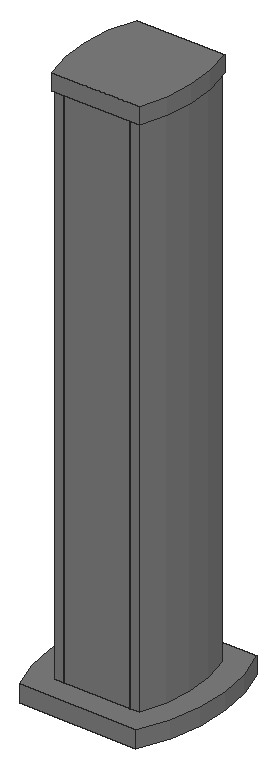
Revit family "Legrand Export Universal Mini Columns", category Installations électriques, Revit 2020
Family settings
  Conserver l'orientation des annotations = Non
  Cote de connecteur circulaire = Utiliser le diamètre
  Type d'élément = Normal
  Basée sur le plan de construction = Non
  Toujours verticalement = Oui
  Couper avec des vides une fois chargée = Non
  Partagée = Non
  Point de calcul de pièce = Non
Parameters (values of type "Column 2 cpts CV80 0,68M Alu")
  Visibility Control Stand [instance] = and(or(Feet, Visibility Control Casters), not(Black))  # no
  Visibility Control Casters [instance] = and(Casters option, not(Black))  # no
  Séparateur = 34.7 mm
  Standard = "Universal"
  Offset [instance] = if(Visibility Control Casters, 68 mm, if(Visibility Control Stand, 10 mm, 0 mm))  # 0 mm
  Number of compartments = "2 compartments"
  Modèle = "LG-653124"
  Matériaux corps = Legrand - Aluminium gris
  Matériau couvercle = Legrand - Plastique gris
  Main Material = "Aluminum"
  Longueur = if([1 CPT], 82 mm, 125 mm)  # 125 mm
  Largeur = 75 mm
  Tablet option [instance] = no
  Finishing = "Aluminum"
  Feet [instance] = no
  Casters option [instance] = no
  H1 = 680 mm
  HC = H1 - 40 mm  # 640 mm
  Fabricant = "LEGRAND"
  Elévation par défaut = 0 mm
  Description = "universal mini Column 2 compartments 0,68m Aluminium"
  Column stand = Movable feet : Foot for mini Column Alu
  Black = no
  2 CPT = yes
  1 CPT = no
Types (12, lengths in mm): name | Number of compartments | Modèle | Matériaux corps | Matériau couvercle | Longueur | Finishing | H1 | HC | Description | Column stand | Black | 2 CPT | 1 CPT
  Column 1 cpt CV80 0,3M White | "1 compartment" | "LG-653100" | Legrand - Aluminium blanc | Legrand - Plastique blanc | 82 | "White" | 300 | 260 | "universal mini Column 1 compartment 0,3m White" | Movable feet : Foot for mini Column White | no | no | yes
  Column 1 cpt CV80 0,3M Alu | "1 compartment" | "LG-653101" | Legrand - Aluminium gris | Legrand - Plastique gris | 82 | "Aluminum" | 300 | 260 | "universal mini Column 1 compartment 0,3m Aluminium" | Movable feet : Foot for mini Column Alu | no | no | yes
  Column 1 cpt CV80 0,68M White | "1 compartment" | "LG-653103" | Legrand - Aluminium blanc | Legrand - Plastique blanc | 82 | "White" | 680 | 640 | "universal mini Column 1 compartment 0,68m White" | Movable feet : Foot for mini Column White | no | no | yes
  Column 1 cpt CV80 0,68M Alu | "1 compartment" | "LG-653104" | Legrand - Aluminium gris | Legrand - Plastique gris | 82 | "Aluminum" | 680 | 640 | "universal mini Column 1 compartment 0,68m Aluminium" | Movable feet : Foot for mini Column Alu | no | no | yes
  Column 2 cpts 80 0,30M White | "2 compartments" | "LG-653120" | Legrand - Aluminium blanc | Legrand - Plastique blanc | 125 | "White" | 300 | 260 | "universal mini Column 2 compartments 0,30m White" | Movable feet : Foot for mini Column White | no | yes | no
  Column 2 cpts CV80 0,30M Alu | "2 compartments" | "LG-653121" | Legrand - Aluminium gris | Legrand - Plastique gris | 125 | "Aluminum" | 300 | 260 | "universal mini Column 2 compartments 0,30m Aluminium" | Movable feet : Foot for mini Column Alu | no | yes | no
  Column 2 cpts 80 0,68M White | "2 compartments" | "LG-653123" | Legrand - Aluminium blanc | Legrand - Plastique blanc | 125 | "White" | 680 | 640 | "universal mini Column 2 compartments 0,68m White" | Movable feet : Foot for mini Column White | no | yes | no
  Column 2 cpts CV80 0,68M Alu | "2 compartments" | "LG-653124" | Legrand - Aluminium gris | Legrand - Plastique gris | 125 | "Aluminum" | 680 | 640 | "universal mini Column 2 compartments 0,68m Aluminium" | Movable feet : Foot for mini Column Alu | no | yes | no
  Column 1 cpt CV80 0,68M Black | "1 compartment" | "LG-653105" | Legrand - Aluminium noir | Legrand - Plastique noir | 82 | "Black" | 680 | 640 | "universal mini Column 1 compartment 0,68m Black" | Shelf : Table for mini Column T1/2 | yes | no | yes
  Column 1 cpt CV80 0,3M Black | "1 compartment" | "LG-653102" | Legrand - Aluminium noir | Legrand - Plastique noir | 82 | "Black" | 300 | 260 | "universal mini Column 1 compartment 0,3m Black" | Shelf : Table for mini Column T1/2 | yes | no | yes
  Column 2 cpts 80 0,30M Black | "2 compartments" | "LG-653122" | Legrand - Aluminium noir | Legrand - Plastique noir | 82 | "Black" | 300 | 260 | "universal mini Column 2 compartments 0,30m Black" | Shelf : Table for mini Column T1/2 | no | yes | yes
  Column 2 cpts 80 0,68M Black | "2 compartments" | "LG-653125" | Legrand - Aluminium noir | Legrand - Plastique noir | 125 | "Black" | 680 | 640 | "universal mini Column 2 compartments 0,68m Black" | Shelf : Table for mini Column T1/2 | yes | yes | no
Reference planes
  plane 1 "Centre (avant/arrière)": y = 0
  plane 2: z = 0
  plane 3 "Centre (gauche/droite)": x = 0
  plane 4: z = 680
  plane 5 "Bas Corps": z = 20
  plane 6 "Haut corps": z = 660
  plane 7: z = 0
  plane 8 "Connecteur": z = 340
Forms (mm)
  Extrusion 1, solid, material "Legrand - Aluminium gris" <- "Matériaux corps", visible <- "2 CPT"
    sketch origin (0, 0, 0) x (1, 0, 0) y (0, 1, 0)
      loop
        arc (-51.5, 62.5) -> (-62.643, 0) -> (-51.5, -62.5) r 180.856
        line (-51.5, -62.5) -> (-40, -62.5) -> (-40, -22.5) -> (40, -22.5) -> (40, -62.5) -> (51.5, -62.5)
        arc (51.5, -62.5) -> (62.643, 0) -> (51.5, 62.5) r 180.856
        line (51.5, 62.5) -> (40, 62.5) -> (40, 22.5) -> (-40, 22.5) -> (-40, 62.5) -> (-51.5, 62.5)
    from 20 to 660
  Extrusion 2, solid, material "Legrand - Aluminium gris" <- "Matériaux corps", visible <- "1 CPT"
    sketch origin (0, 0, 0) x (1, 0, 0) y (0, 1, 0)
      loop
        arc (-26.5, 62.5) -> (-37.5, 0) -> (-26.5, -62.5) r 183.057
        line (-26.5, -62.5) -> (26.5, -62.5)
        arc (26.5, -62.5) -> (30.149, -51.355) -> (33.076, -40) r 183.057
        line (33.076, -40) -> (-6.924, -40) -> (-6.924, 40) -> (33.076, 40)
        arc (33.076, 40) -> (30.149, 51.355) -> (26.5, 62.5) r 183.057
        line (26.5, 62.5) -> (-26.5, 62.5)
    from 20 to 660
  Extrusion 3, solid, material "Legrand - Aluminium gris" <- "Matériaux corps", visible <- "1 CPT"
    sketch origin (0, 0, 0) x (1, 0, 0) y (0, 1, 0)
      loop
        line (-27.896, -64.5) -> (27.896, -64.5)
        arc (27.896, -64.5) -> (39.5, 0) -> (27.896, 64.5) r 185.057
        line (27.896, 64.5) -> (-27.896, 64.5)
        arc (-27.896, 64.5) -> (-39.5, 0) -> (-27.896, -64.5) r 185.057
    from 660 to 680
  Extrusion 4, solid, material "Legrand - Aluminium gris" <- "Matériaux corps", visible <- "1 CPT"
    sketch origin (0, 0, 0) x (1, 0, 0) y (0, 1, 0)
      loop
        line (55.574, 107.5) -> (-55.574, 107.5)
        arc (-55.574, 107.5) -> (-82.5, 0) -> (-55.574, -107.5) r 228.057
        line (-55.574, -107.5) -> (55.574, -107.5)
        arc (55.574, -107.5) -> (82.5, 0) -> (55.574, 107.5) r 228.057
    from 0 to 20
  Extrusion 5, solid, material "Legrand - Aluminium gris" <- "Matériaux corps", visible <- "2 CPT"
    sketch origin (0, 0, 0) x (1, 0, 0) y (0, 1, 0)
      loop
        line (-52.889, -64.5) -> (52.889, -64.5)
        arc (52.889, -64.5) -> (64.643, 0) -> (52.889, 64.5) r 182.856
        line (52.889, 64.5) -> (-52.889, 64.5)
        arc (-52.889, 64.5) -> (-64.643, 0) -> (-52.889, -64.5) r 182.856
    from 660 to 680
  Extrusion 6, solid, material "Legrand - Aluminium gris" <- "Matériaux corps", visible <- "2 CPT"
    sketch origin (0, 0, 0) x (1, 0, 0) y (0, 1, 0)
      loop
        line (-70.644, -91.5) -> (70.644, -91.5)
        arc (70.644, -91.5) -> (91.643, 0) -> (70.644, 91.5) r 209.856
        line (70.644, 91.5) -> (-70.644, 91.5)
        arc (-70.644, 91.5) -> (-91.643, 0) -> (-70.644, -91.5) r 209.856
    from 0 to 20
Dimensions and locks
  "H1": plane 4 to plane 2
  locked: plane 5 "Bas Corps" to plane 2 at 20
  locked: plane 4 to plane 6 "Haut corps" at 20
  "Offset": plane 2 to plane 7
  equal spacing: plane 4, plane 8 "Connecteur", plane 2
  aligned and locked: Extrusion 1 to plane 5 "Bas Corps"
  aligned and locked: plane 6 "Haut corps" to Extrusion 1
  aligned and locked: nested 2 to plane 5 "Bas Corps"
  aligned and locked: nested 1 to plane 5 "Bas Corps"
  aligned and locked: Extrusion 2 to plane 5 "Bas Corps"
  aligned and locked: plane 6 "Haut corps" to Extrusion 2
  aligned and locked: nested 3 to plane 5 "Bas Corps"
  aligned and locked: plane 4 to Extrusion 3
  aligned and locked: Extrusion 3 to plane 6 "Haut corps"
  aligned and locked: plane 5 "Bas Corps" to Extrusion 4
  aligned and locked: plane 4 to Extrusion 5
  aligned and locked: Extrusion 5 to plane 6 "Haut corps"
  aligned and locked: plane 5 "Bas Corps" to Extrusion 6
  aligned and locked: Extrusion 6 to plane 2
  aligned and locked: Extrusion 4 to plane 2
  aligned and locked: plane 7 to level
Automatic sketch dimensions
  plane 1 "Centre (avant/arrière)" to Extrusion 1 sketch curve = 0 mm  (x2)
  Extrusion 1 sketch curve to plane 3 "Centre (gauche/droite)" = 118.214 mm
  Extrusion 1 sketch curve to plane 3 "Centre (gauche/droite)" = 51.5 mm  (x2)
  Extrusion 1 sketch curve to Extrusion 1 sketch curve = 11.5 mm  (x3)
  plane 3 "Centre (gauche/droite)" to Extrusion 1 sketch curve = 40 mm  (x2)
  Extrusion 1 sketch curve to Extrusion 1 sketch curve = 78.214 mm
  plane 1 "Centre (avant/arrière)" to Extrusion 1 sketch curve = 22.5 mm
  Extrusion 1 sketch curve to Extrusion 1 sketch curve = 40 mm  (x2)
  Extrusion 1 sketch curve to plane 1 "Centre (avant/arrière)" = 22.5 mm
  Extrusion 1 sketch curve to plane 3 "Centre (gauche/droite)" = 40 mm
  plane 1 "Centre (avant/arrière)" to Extrusion 2 sketch curve = 0 mm  (x2)
  Extrusion 2 sketch curve to plane 3 "Centre (gauche/droite)" = 26.5 mm  (x2)
  Extrusion 2 sketch curve to plane 3 "Centre (gauche/droite)" = 6.924 mm
  plane 3 "Centre (gauche/droite)" to Extrusion 2 sketch curve = 26.5 mm  (x2)
  Extrusion 2 sketch curve to Extrusion 2 sketch curve = 112.48 mm
  Extrusion 2 sketch curve to Extrusion 2 sketch curve = 0 mm  (x3)
  plane 1 "Centre (avant/arrière)" to Extrusion 2 sketch curve = 40 mm
  Extrusion 2 sketch curve to Extrusion 2 sketch curve = 22.5 mm
  Extrusion 2 sketch curve to Extrusion 2 sketch curve = 119.057 mm
  Extrusion 2 sketch curve to Extrusion 2 sketch curve = 6.576 mm
  plane 1 "Centre (avant/arrière)" to Extrusion 3 sketch curve = 0 mm  (x2)
  Extrusion 3 sketch curve to plane 3 "Centre (gauche/droite)" = 145.557 mm
  Extrusion 3 sketch curve to Extrusion 3 sketch curve = 117.661 mm
  Extrusion 3 sketch curve to plane 1 "Centre (avant/arrière)" = 64.5 mm
  Extrusion 3 sketch curve to plane 3 "Centre (gauche/droite)" = 27.896 mm
  plane 3 "Centre (gauche/droite)" to Extrusion 3 sketch curve = 27.896 mm
  Extrusion 3 sketch curve to Extrusion 3 sketch curve = 0 mm
  plane 1 "Centre (avant/arrière)" to Extrusion 4 sketch curve = 0 mm  (x2)
  Extrusion 4 sketch curve to plane 3 "Centre (gauche/droite)" = 145.557 mm
  plane 3 "Centre (gauche/droite)" to Extrusion 4 sketch curve = 55.574 mm  (x2)
  Extrusion 4 sketch curve to Extrusion 4 sketch curve = 89.983 mm
  Extrusion 4 sketch curve to plane 1 "Centre (avant/arrière)" = 107.5 mm
  Extrusion 4 sketch curve to plane 3 "Centre (gauche/droite)" = 55.574 mm
  plane 1 "Centre (avant/arrière)" to Extrusion 5 sketch curve = 0 mm  (x2)
  Extrusion 5 sketch curve to plane 3 "Centre (gauche/droite)" = 118.214 mm
  Extrusion 5 sketch curve to plane 3 "Centre (gauche/droite)" = 52.889 mm
  plane 3 "Centre (gauche/droite)" to Extrusion 5 sketch curve = 52.889 mm  (x2)
  plane 1 "Centre (avant/arrière)" to Extrusion 5 sketch curve = 64.5 mm
  Extrusion 5 sketch curve to Extrusion 5 sketch curve = 65.324 mm
  plane 1 "Centre (avant/arrière)" to Extrusion 6 sketch curve = 0 mm  (x2)
  Extrusion 6 sketch curve to plane 3 "Centre (gauche/droite)" = 118.214 mm
  plane 3 "Centre (gauche/droite)" to Extrusion 6 sketch curve = 70.644 mm  (x2)
  Extrusion 6 sketch curve to Extrusion 6 sketch curve = 47.569 mm
  Extrusion 6 sketch curve to plane 1 "Centre (avant/arrière)" = 91.5 mm
  Extrusion 6 sketch curve to plane 3 "Centre (gauche/droite)" = 70.644 mm
Nested families
  nested 1: "Column cover 80" at (-40, 62.5, 20), visible <- "2 CPT", Matériau <- "Matériau couvercle", H1 <- "HC", type "Column cover 80"
    with Matériau Legrand - Plastique gris, L1 40 mm, H1 640 mm
  nested 2: "Column cover 80" at (-40, -22.5, 20), visible <- "2 CPT", Matériau <- "Matériau couvercle", H1 <- "HC", type "Column cover 80"
    with Matériau Legrand - Plastique gris, L1 40 mm, H1 640 mm
  nested 3: "Column cover 80" at (33.076, 40, 20) x (0, -1, 0) z (0, 0, 1), visible <- "1 CPT", Matériau <- "Matériau couvercle", H1 <- "HC", type "Column cover 80"
    with Matériau Legrand - Plastique gris, L1 40 mm, H1 640 mm
  nested 4: "Shelf" at (0, 0, 680), visible <- "Tablet option", type "Table for mini Column T1/2"
  nested 5: "Movable feet" at (0, 0, 0) x (1, 0, 0) z (0, 0, -1), type <- "Column stand", visible <- "Visibility Control Stand", type "Foot for mini Column Alu"
  nested 6: "Caster" at (153.739, -180.183, 0) x (0, -1, 0) z (0, 0, 1), visible <- "Visibility Control Casters", type "4 wheels with cable holder"
  nested 7: "Caster" at (153.739, 179.964, 0) x (0, -1, 0) z (0, 0, 1), visible <- "Visibility Control Casters", type "4 wheels with cable holder"
  nested 8: "Caster" at (-153.739, -180.183, 0) x (0, -1, 0) z (0, 0, 1), visible <- "Visibility Control Casters", type "4 wheels with cable holder"
  nested 9: "Caster" at (-153.739, 179.964, 0) x (0, -1, 0) z (0, 0, 1), visible <- "Visibility Control Casters", type "4 wheels with cable holder"
Connectors
  electrical at (0, 0, 340)
    settings: index 1, voltage 0 V, apparent load 0 VA, apparent load phase1 0 VA, apparent load phase2 0 VA, apparent load phase3 0 VA, power factor 1, load classification "Autre", number of poles 1, system type 31, power factor state 1, is connector primary yes, connector utility no, sub classification motor no, connector description ""
Definition of nested family "Column cover 80"
  Parameters (values of type "IDS_COLUMN_COVER_80")
    Matériau [instance] = none
    L1 [instance] = 187.766 mm
    H1 [instance] = 2660 mm
    Default Elevation = 0 mm
  Reference planes
    plane 1 "Centre (avant/arrière)": y = 0
    plane 2: z = 0
    plane 3 "Centre (gauche/droite)": x = 0
    plane 4: x = 80
    plane 5: y = -187.766
    plane 6: z = 2660
  Forms (mm)
    Extrusion 1, solid, material <- "Matériau"
      sketch origin (0, 0, 0) x (1, 0, 0) y (0, 1, 0)
        loop
          line (0, 0) -> (0, -187.766) -> (80, -187.766) -> (80, 0) -> (0, 0)
      from 0 to 2660
  Dimensions and locks
    plane 3 "Centre (gauche/droite)" to plane 4 = 80 mm
    "L1": plane 5 to plane 1 "Centre (avant/arrière)"
    "H1": plane 6 to plane 2
    aligned and locked: level to plane 2
    aligned and locked: plane 6 to Extrusion 1
  Automatic sketch dimensions
    Extrusion 1 sketch curve to plane 3 "Centre (gauche/droite)" = 0 mm
    Extrusion 1 sketch curve to plane 4 = 0 mm
    Extrusion 1 sketch curve to plane 5 = 0 mm
    plane 1 "Centre (avant/arrière)" to Extrusion 1 sketch curve = 0 mm
Definition of nested family "Shelf"
  Parameters (values of type "IDS_653084")
    Model = "LG-653084"
    Manufacturer = "LEGRAND"
    Default Elevation = 1219.2 mm
    Description = "IDS_DESCRITPION_LG-653084"
  Reference planes
    plane 1 "Centre (avant/arrière)": y = 0
    plane 2: z = 0
    plane 3 "Centre (gauche/droite)": x = 0
  Forms (mm)
    Extrusion 1, solid
      sketch origin (0, 0, 0) x (1, 0, 0) y (0, 1, 0)
        loop
          line (-1219.2, 1219.2) -> (-1219.2, -1219.2) -> (1219.2, -1219.2) -> (1219.2, 1219.2) -> (-1219.2, 1219.2)
      from 0 to -304.8
    Extrusion 2, solid
      sketch origin (0, 0, 0) x (1, 0, 0) y (0, 1, 0)
        loop
          arc (-220, 150) -> (-276.569, 126.569) -> (-300, 70) r 80
          line (-300, 70) -> (-300, -70)
          arc (-300, -70) -> (-276.569, -126.569) -> (-220, -150) r 80
          line (-220, -150) -> (220, -150)
          arc (220, -150) -> (276.569, -126.569) -> (300, -70) r 80
          line (300, -70) -> (300, 70)
          arc (300, 70) -> (276.569, 126.569) -> (220, 150) r 80
          line (220, 150) -> (-220, 150)
      from 0 to 12
  Dimensions and locks
    Extrusion 2 to Extrusion 2 = 600 mm
    Extrusion 2 to Extrusion 2 = 300 mm
    aligned and locked: plane 2 to Extrusion 1
    aligned and locked: level to Extrusion 1
Definition of nested family "Movable feet"
  Parameters (values of type "IDS_653087")
    Materiau = none
    Default Elevation = 1219.2 mm
  Types (3): name
    (no name)
    IDS_653086
    IDS_653087
  Reference planes
    plane 1 "Centre (avant/arrière)": y = 0
    plane 2: z = 0
    plane 3 "Centre (gauche/droite)": x = 0
    plane 4: y = -200
    plane 5: y = 200
    plane 6: x = -180
    plane 7: x = 180
  Forms (mm)
    Extrusion 1, solid
      sketch origin (0, 0, 0) x (1, 0, 0) y (0, 1, 0)
        loop
          line (-1219.2, 1219.2) -> (-1219.2, -1219.2) -> (1219.2, -1219.2) -> (1219.2, 1219.2) -> (-1219.2, 1219.2)
      from 0 to -304.8
    Extrusion 2, solid, material <- "Materiau"
      sketch origin (0, 0, 0) x (1, 0, 0) y (0, 1, 0)
        loop
          line (-180, 0) -> (-180, -61.189)
          arc (-180, -61.189) -> (-175.417, -115.996) -> (-165, -170) r 513.701
          arc (-165, -170) -> (-153.071, -189.987) -> (-132.058, -200) r 40.162
          line (-132.058, -200) -> (-107.825, -200)
          arc (-107.825, -200) -> (-90.864, -196.802) -> (-75, -190) r 79.091
          arc (-75, -190) -> (-65.429, -173.295) -> (-60.467, -154.692) r 74.359
          arc (-60.467, -154.692) -> (-64.771, -144.303) -> (-75.16, -140) r 14.692
          line (-75.16, -140) -> (-110, -140)
          arc (-110, -140) -> (-117.071, -137.071) -> (-120, -130) r 10
          line (-120, -130) -> (-120, -60.561)
          arc (-120, -60.561) -> (-114.142, -46.419) -> (-100, -40.561) r 20
          arc (-100, -40.561) -> (-60.66, -53.386) -> (-19.784, -59.807) r 260
          arc (-19.784, -59.807) -> (-16.958, -58.636) -> (-16.06, -55.711) r 3.591
          line (-16.06, -55.711) -> (-31.638, -12.913)
          arc (-31.638, -12.913) -> (-29.417, -0.22) -> (-17.905, 5.568) r 14.343
          line (-17.905, 5.568) -> (17.905, 5.568)
          arc (17.905, 5.568) -> (29.417, -0.22) -> (31.638, -12.913) r 14.343
          line (31.638, -12.913) -> (16.06, -55.711)
          arc (16.06, -55.711) -> (16.958, -58.636) -> (19.784, -59.807) r 3.591
          arc (19.784, -59.807) -> (60.66, -53.386) -> (100, -40.561) r 260
          arc (100, -40.561) -> (114.142, -46.419) -> (120, -60.561) r 20
          line (120, -60.561) -> (120, -130)
          arc (120, -130) -> (117.071, -137.071) -> (110, -140) r 10
          line (110, -140) -> (75.16, -140)
          arc (75.16, -140) -> (64.771, -144.303) -> (60.467, -154.692) r 14.692
          arc (60.467, -154.692) -> (65.429, -173.295) -> (75, -190) r 74.359
          arc (75, -190) -> (90.864, -196.802) -> (107.825, -200) r 79.091
          line (107.825, -200) -> (132.058, -200)
          arc (132.058, -200) -> (153.071, -189.987) -> (165, -170) r 40.162
          arc (165, -170) -> (175.417, -115.996) -> (180, -61.189) r 513.701
          line (180, -61.189) -> (180, 0) -> (180, 61.189)
          arc (180, 61.189) -> (175.417, 115.996) -> (165, 170) r 513.701
          arc (165, 170) -> (148.307, 193.71) -> (120, 200) r 40.162
          arc (120, 200) -> (96.755, 198.351) -> (75, 190) r 79.091
          arc (75, 190) -> (65.429, 173.295) -> (60.467, 154.692) r 74.359
          arc (60.467, 154.692) -> (64.771, 144.303) -> (75.16, 140) r 14.692
          line (75.16, 140) -> (110, 140)
          arc (110, 140) -> (117.071, 137.071) -> (120, 130) r 10
          line (120, 130) -> (120, 60.561)
          arc (120, 60.561) -> (114.142, 46.419) -> (100, 40.561) r 20
          arc (100, 40.561) -> (0, 60.561) -> (-100, 40.561) r 260
          arc (-100, 40.561) -> (-114.142, 46.419) -> (-120, 60.561) r 20
          line (-120, 60.561) -> (-120, 130)
          arc (-120, 130) -> (-117.071, 137.071) -> (-110, 140) r 10
          line (-110, 140) -> (-75.16, 140)
          arc (-75.16, 140) -> (-64.771, 144.303) -> (-60.467, 154.692) r 14.692
          arc (-60.467, 154.692) -> (-65.429, 173.295) -> (-75, 190) r 74.359
          arc (-75, 190) -> (-96.755, 198.351) -> (-120, 200) r 79.091
          arc (-120, 200) -> (-148.307, 193.71) -> (-165, 170) r 40.162
          arc (-165, 170) -> (-175.417, 115.996) -> (-180, 61.189) r 513.701
          line (-180, 61.189) -> (-180, 0)
      from 0 to 10
    Extrusion 3, void
      sketch origin (0, 0, 0) x (1, 0, 0) y (0, 1, 0)
        loop
          circle (141.373, -180.262) r 5
        loop
          circle (-141.373, -180.262) r 5
        loop
          circle (141.373, 180.262) r 5
        loop
          circle (-141.373, 180.262) r 5
      from 0 to 10
    Extrusion 4, void
      sketch origin (0, 0, 0) x (1, 0, 0) y (0, 1, 0)
        loop
          circle (-24.029, -51.565) r 2.527
        loop
          circle (24.029, -51.565) r 2.527
        loop
          circle (-29.084, 51.565) r 2.527
        loop
          circle (29.084, 51.565) r 2.527
      from 0 to 10
  Cuts and joins
    Extrusion 3, Extrusion 4 cuts Extrusion 2
  Dimensions and locks
    plane 5 to plane 4 = 400 mm
    plane 6 to plane 7 = 360 mm
    aligned and locked: plane 2 to Extrusion 1
    aligned and locked: level to Extrusion 1
Definition of nested family "Caster"
  Parameters (values of type "Roulette")
    Model = "LG-653088"
    Manufacturer = "LEGRAND"
    Default Elevation = 0 mm
    Description = "IDS_DESCRITPION_LG-653088"
  Reference planes
    plane 1 "Centre (avant/arrière)": y = 0
    plane 2: z = 0
    plane 3 "Centre (gauche/droite)": x = 0
  Forms (mm)
    Extrusion 1, solid
      sketch origin (0, 167.844, 41.5) x (0, 1, 0) y (0, 0, 1)
        loop
          circle (-167.847, -16.5) r 25
      from -20 to 20
    Sweep 2, solid
      path origin (0, 167.844, 43.862) x (0, 1, 0) y (0, 0, 1)
        loop
          arc (-140.847, -18.5) -> (-167.847, 8.5) -> (-194.847, -18.5) r 27
      profile origin (0, -0.003, 52.362) x (0, 0, -1) y (1, 0, 0)
        loop
          line (0, -20) -> (0, 20) -> (-2, 20) -> (-2, -20) -> (0, -20)
    Extrusion 3, solid
      sketch origin (134.69, 165.347, 0) x (1, 0, 0) y (0, 1, 0)
        loop
          circle (-134.69, -177.847) r 8
      from 39.162 to 68
    Extrusion 4, solid
      sketch origin (134.69, 155.347, 28) x (1, 0, 0) y (0, 1, 0)
        loop
          circle (-134.69, -167.847) r 20
      from 40 to 64
    Extrusion 5, solid
      sketch origin (134.69, 155.347, 40) x (1, 0, 0) y (0, 1, 0)
        loop
          circle (-134.69, -167.847) r 30
      from 52 to 60
  Dimensions and locks
    aligned and locked: level to plane 2
